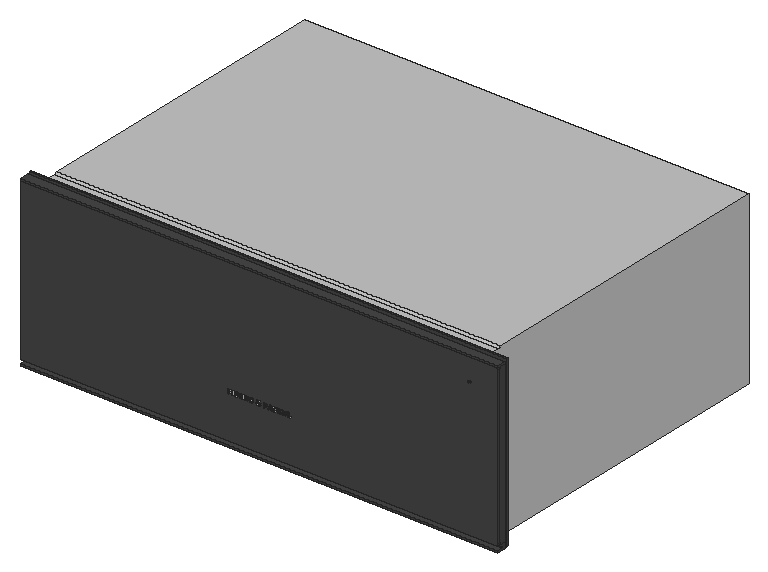
Revit family "FP_Revit_18_WB30SDEB2_Warming_Drawer_90001837A", category Specialty Equipment, Revit 2018
Family settings
  Round Connector Dimension = Use Diameter
  Part Type = Normal
  OmniClass Number = 23.40.40.14.17.31
  OmniClass Title = Small Specialized Cooking Equipment
  Work Plane-Based = No
  Always vertical = Yes
  Cut with Voids When Loaded = Yes
  Shared = No
  Room Calculation Point = No
Parameters (values of type "WB30SDEB2")
  Visibility - Clearance Required = yes
  URL = "www.fisherpaykel.com"
  Product - Width = 761 mm  # constant formula
  Product - Height = 271 mm  # constant formula
  Product - Depth = 567 mm  # constant formula
  Model = "WB30SDEB2"
  Material - Trim = Fisher & Paykel - Black
  Material - Structure = Fisher & Paykel - Black
  Material - Glass = Fisher & Paykel - Glass, Black
  Material - Body = Fisher & Paykel - Grey
  Material - Bezel = Fisher & Paykel - Bezel Red
  Manufacturer = "Fisher & Paykel Appliances"
  FFL Offset [instance] = 587 mm
  Description = "30\" Warming Drawer"
  Connector Description - Electrical = "110 V, 60Hz, 10 A"
  Chassis - Width = 707 mm  # constant formula
  Chassis - Height = 271 mm  # constant formula
  Chassis - Depth = 547 mm  # constant formula
  Cavity - Width = 724 mm  # constant formula
  Cavity - Height = 273 mm  # constant formula
  Cavity - Depth = 560 mm  # constant formula
Reference planes
  plane 1 "Datum (Front/Back)": y = 0
  plane 2: z = 0
  plane 3 "Center (Left/Right)": x = 0
  plane 4 "Product Height": z = 858
  plane 5 "Product LHS": x = -380.5
  plane 6 "Product RHS": x = 380.5
  plane 7 "Cavity LHS": x = -382
  plane 8 "Cavity RHS": x = 382
  plane 9 "Cavity - Depth": y = 560
  plane 10 "Product Depth": y = 547
  plane 11 "Door - Front": y = -20
  plane 12 "Cavity - Height": z = 860
  plane 13 "FFL Offset": z = 587
Forms (mm)
  Extrusion 1, solid, material "Fisher & Paykel - Grey" <- "Material - Body"
    sketch origin (0, 0, 0) x (0, 1, 0) y (0, 0, 1)
      loop
        line (5.8, 587) -> (512, 587) -> (512, 858) -> (19, 858) -> (14.508, 856) -> (0, 856) -> (0, 589.9) -> (5.8, 587)
    from -353.5 to 353.5
  Extrusion 2, solid, material "Fisher & Paykel - Grey" <- "Material - Body", detail levels medium+fine
    sketch origin (0, 0, 0) x (0, 1, 0) y (0, 0, 1)
      loop
        line (512, 826) -> (512, 807) -> (547, 807) -> (547, 826) -> (512, 826)
    from 177 to 202
  Extrusion 3, solid, material "Fisher & Paykel - Grey" <- "Material - Body", detail levels medium+fine
    sketch origin (0, 0, 0) x (0, 1, 0) y (0, 0, 1)
      loop
        circle (539, 817.5) r 8.163
    from 137 to 177
  Extrusion 4, solid, material "Fisher & Paykel - Black" <- "Material - Structure"
    sketch origin (0, 0, 0) x (0, 1, 0) y (0, 0, 1)
      loop
        line (-2, 593.5) -> (-2, 839.2) -> (-6, 839.2) -> (-6, 593.5) -> (-2, 593.5)
    from -340.5 to 340.5
  Extrusion 5, solid, material "Fisher & Paykel - Black" <- "Material - Structure"
    sketch origin (0, 0, 0) x (1, 0, 0) y (0, 0, 1)
      loop
        line (378, 853) -> (-378, 853)
        arc (-378, 853) -> (-379.768, 852.268) -> (-380.5, 850.5) r 2.5
        line (-380.5, 850.5) -> (-380.5, 601.1)
        arc (-380.5, 601.1) -> (-379.768, 599.332) -> (-378, 598.6) r 2.5
        line (-378, 598.6) -> (378, 598.6)
        arc (378, 598.6) -> (379.768, 599.332) -> (380.5, 601.1) r 2.5
        line (380.5, 601.1) -> (380.5, 850.5)
        arc (380.5, 850.5) -> (379.768, 852.268) -> (378, 853) r 2.5
      loop
        circle (335, 817) r 2
    from 15.9 to 20
  Extrusion 6, solid, material "Fisher & Paykel - Black" <- "Material - Structure"
    sketch origin (0, 0, 0) x (0, 1, 0) y (0, 0, 1)
      loop
        line (-6, 853) -> (-15.9, 853) -> (-15.9, 598.6) -> (-6, 598.6) -> (-6, 853)
    from -380.5 to 380.5
  Extrusion 7, solid, material "Fisher & Paykel - Black" <- "Material - Trim", detail levels medium+fine
    sketch origin (0, 0, 0) x (0, 1, 0) y (0, 0, 1)
      loop
        line (-11.4, 595.5) -> (-11.4, 592) -> (-20, 592) -> (-20, 589) -> (-6, 589) -> (-6, 598.6) -> (-19.917, 598.6) -> (-11.4, 595.5)
    from -380.5 to 380.5
  Extrusion 8, solid, material "Fisher & Paykel - Black" <- "Material - Trim", detail levels fine
    sketch origin (0, 0, 0) x (0, 1, 0) y (0, 0, 1)
      loop
        line (-6, 856) -> (-20, 856) -> (-20, 853) -> (-6, 853) -> (-6, 856)
    from -380.5 to 380.5
  Extrusion 9, solid, material "Fisher & Paykel - Clearance Required", visible <- "Visibility - Clearance Required", detail levels coarse
    sketch origin (0, 0, 0) x (0, 1, 0) y (0, 0, 1)
      loop
        line (0, 860) -> (0, 587) -> (560, 587) -> (560, 860) -> (0, 860)
    from -362 to 362
  Extrusion 10, solid, material "Fisher & Paykel - Black" <- "Material - Structure"
    sketch origin (0, 0, 0) x (0, 1, 0) y (0, 0, 1)
      loop
        line (-2, 589.9) -> (0, 589.9) -> (0, 858) -> (-2, 858) -> (-2, 589.9)
    from -380.5 to 380.5
  Extrusion 11, solid, material "Fisher & Paykel - Clearance Required", visible <- "Visibility - Clearance Required", detail levels coarse
    sketch origin (0, 0, 0) x (0, 1, 0) y (0, 0, 1)
      loop
        line (0, 587) -> (0, 860) -> (-439, 860) -> (-439, 587) -> (0, 587)
    from -382 to 382
  Extrusion 12, void
    sketch origin (0, 0, 0) x (0, 1, 0) y (0, 0, 1)
      loop
        line (0, 860) -> (0, 587) -> (560, 587) -> (560, 860) -> (0, 860)
    from -362 to 362
  Extrusion 13, void
    sketch origin (0, 0, 0) x (0, 1, 0) y (0, 0, 1)
      loop
        line (0, 587) -> (0, 860) -> (-20, 860) -> (-20, 587) -> (0, 587)
    from -382 to 382
  Extrusion 14, solid, material "Fisher & Paykel - Bezel Red" <- "Material - Bezel", detail levels fine
    sketch origin (0, 0, 0) x (1, 0, 0) y (0, 0, 1)
      loop
        circle (335, 817) r 2
    from 15.9 to 20
Text (mm)
  text "Due to ongoing product development, product details are subject to change without notice. \nPlease always refer to www.fisherpaykel.com for the most current product information. \n© Fisher & Paykel 2020" at (41.04, -568.295, 0), in view "Ref. Level (Plan)"
Dimensions and locks
  equal spacing: plane 5 "Product LHS", plane 3 "Center (Left/Right)", plane 6 "Product RHS"
  equal spacing: plane 7 "Cavity LHS", plane 3 "Center (Left/Right)", plane 8 "Cavity RHS"
  equal spacing: Extrusion 1, plane 3 "Center (Left/Right)", Extrusion 1
  locked: plane 11 "Door - Front" to plane 1 "Datum (Front/Back)" at 20
  "Chassis - Width": Extrusion 1 to Extrusion 1
  "Product - Width": plane 5 "Product LHS" to plane 6 "Product RHS"
  "Chassis - Depth": plane 1 "Datum (Front/Back)" to plane 10 "Product Depth"
  "Cavity - Depth": plane 9 "Cavity - Depth" to plane 1 "Datum (Front/Back)"
  plane 10 "Product Depth" to plane 11 "Door - Front" = 567 mm
  "FFL Offset": plane 13 "FFL Offset" to level
  Extrusion 4 to plane 13 "FFL Offset" = 6.5 mm
  locked: plane 13 "FFL Offset" to Extrusion 7 at 2
  locked: Extrusion 7 to plane 13 "FFL Offset" at 11.6
  "Product - Height": plane 4 "Product Height" to plane 13 "FFL Offset"
  "Cavity - Height": plane 13 "FFL Offset" to plane 12 "Cavity - Height"
  equal spacing: Extrusion 9, plane 3 "Center (Left/Right)", Extrusion 9
  "Cavity - Width": Extrusion 9 to Extrusion 9
  locked: plane 7 "Cavity LHS" to plane 8 "Cavity RHS" at 764
  "Cavity - Width": Extrusion 12 to Extrusion 12
  locked: Extrusion 11 to plane 11 "Door - Front" at 419
  locked: nested 1 to plane 13 "FFL Offset" at 78.956
  aligned and locked: level to plane 2
  aligned and locked: Extrusion 9 sketch curve to plane 9 "Cavity - Depth"
  aligned and locked: Extrusion 2 to Extrusion 1
  aligned and locked: Extrusion 5 to plane 6 "Product RHS"
  aligned and locked: Extrusion 8 to plane 6 "Product RHS"
  aligned and locked: Extrusion 7 to plane 6 "Product RHS"
  aligned and locked: Extrusion 10 to plane 6 "Product RHS"
  aligned and locked: Extrusion 6 to plane 6 "Product RHS"
  aligned and locked: plane 5 "Product LHS" to Extrusion 8
  aligned and locked: plane 5 "Product LHS" to Extrusion 7
  aligned and locked: plane 5 "Product LHS" to Extrusion 6
  aligned and locked: Extrusion 5 to Extrusion 6
  aligned and locked: Extrusion 5 to Extrusion 7
  aligned and locked: plane 1 "Datum (Front/Back)" to Extrusion 9
  aligned and locked: Extrusion 11 sketch curve to plane 12 "Cavity - Height"
  aligned and locked: plane 13 "FFL Offset" to Extrusion 11 sketch curve
  aligned and locked: Extrusion 11 to plane 8 "Cavity RHS"
  aligned and locked: plane 7 "Cavity LHS" to Extrusion 11
  aligned and locked: Extrusion 12 to plane 12 "Cavity - Height"
  aligned and locked: Extrusion 13 to plane 12 "Cavity - Height"
  aligned and locked: Extrusion 12 to plane 13 "FFL Offset"
  aligned and locked: Extrusion 13 to plane 13 "FFL Offset"
Automatic sketch dimensions
  Extrusion 1 sketch curve to plane 1 "Datum (Front/Back)" = 0 mm
  Extrusion 1 sketch curve to plane 13 "FFL Offset" = 0 mm
  Extrusion 1 sketch curve to plane 4 "Product Height" = 0 mm
  Extrusion 1 sketch curve to plane 1 "Datum (Front/Back)" = 5.8 mm
  Extrusion 1 sketch curve to plane 4 "Product Height" = 2 mm
  Extrusion 1 sketch curve to Extrusion 1 sketch curve = 14.508 mm
  Extrusion 1 sketch curve to Extrusion 1 sketch curve = 4.492 mm
  Extrusion 1 sketch curve to plane 10 "Product Depth" = 35 mm
  plane 13 "FFL Offset" to Extrusion 1 sketch curve = 2.9 mm
  Extrusion 2 sketch curve to plane 10 "Product Depth" = 0 mm
  Extrusion 2 sketch curve to Extrusion 2 sketch curve = 35 mm
  Extrusion 2 sketch curve to plane 4 "Product Height" = 51 mm
  Extrusion 2 sketch curve to Extrusion 2 sketch curve = 19 mm
  Extrusion 3 sketch curve to plane 10 "Product Depth" = 8 mm
  Extrusion 3 sketch curve to plane 4 "Product Height" = 40.5 mm
  plane 1 "Datum (Front/Back)" to Extrusion 4 sketch curve = 6 mm
  plane 1 "Datum (Front/Back)" to Extrusion 4 sketch curve = 2 mm
  plane 13 "FFL Offset" to Extrusion 4 sketch curve = 6.5 mm
  Extrusion 4 sketch curve to plane 4 "Product Height" = 18.8 mm
  plane 5 "Product LHS" to Extrusion 5 sketch curve = 0 mm
  plane 6 "Product RHS" to Extrusion 5 sketch curve = 0 mm
  Extrusion 5 sketch curve to plane 5 "Product LHS" = 2.5 mm  (x2)
  plane 6 "Product RHS" to Extrusion 5 sketch curve = 45.5 mm
  plane 6 "Product RHS" to Extrusion 5 sketch curve = 2.5 mm
  Extrusion 5 sketch curve to Extrusion 5 sketch curve = 2.5 mm
  plane 13 "FFL Offset" to Extrusion 5 sketch curve = 11.6 mm
  Extrusion 5 sketch curve to plane 4 "Product Height" = 7.5 mm
  plane 12 "Cavity - Height" to Extrusion 5 sketch curve = 43 mm
  plane 11 "Door - Front" to Extrusion 6 sketch curve = 4.1 mm
  plane 1 "Datum (Front/Back)" to Extrusion 6 sketch curve = 6 mm
  plane 13 "FFL Offset" to Extrusion 6 sketch curve = 11.6 mm
  Extrusion 6 sketch curve to plane 4 "Product Height" = 5 mm
  Extrusion 7 sketch curve to plane 11 "Door - Front" = 0 mm
  plane 11 "Door - Front" to Extrusion 7 sketch curve = 0.083 mm
  plane 11 "Door - Front" to Extrusion 7 sketch curve = 8.6 mm
  plane 1 "Datum (Front/Back)" to Extrusion 7 sketch curve = 6 mm
  plane 13 "FFL Offset" to Extrusion 7 sketch curve = 2 mm
  plane 13 "FFL Offset" to Extrusion 7 sketch curve = 5 mm
  Extrusion 7 sketch curve to Extrusion 7 sketch curve = 3.5 mm
  Extrusion 7 sketch curve to Extrusion 7 sketch curve = 3.1 mm
  Extrusion 8 sketch curve to plane 11 "Door - Front" = 0 mm
  plane 1 "Datum (Front/Back)" to Extrusion 8 sketch curve = 6 mm
  Extrusion 8 sketch curve to plane 4 "Product Height" = 5 mm
  Extrusion 8 sketch curve to plane 4 "Product Height" = 2 mm
  Extrusion 9 sketch curve to plane 1 "Datum (Front/Back)" = 0 mm
  Extrusion 9 sketch curve to plane 13 "FFL Offset" = 0 mm
  plane 12 "Cavity - Height" to Extrusion 9 sketch curve = 0 mm
  Extrusion 10 sketch curve to plane 4 "Product Height" = 0 mm
  Extrusion 10 sketch curve to plane 1 "Datum (Front/Back)" = 0 mm
  plane 1 "Datum (Front/Back)" to Extrusion 10 sketch curve = 2 mm
  plane 13 "FFL Offset" to Extrusion 10 sketch curve = 2.9 mm
  Extrusion 11 sketch curve to plane 1 "Datum (Front/Back)" = 0 mm
  Extrusion 11 sketch curve to plane 11 "Door - Front" = 419 mm
  Extrusion 12 sketch curve to plane 1 "Datum (Front/Back)" = 0 mm
  Extrusion 12 sketch curve to plane 9 "Cavity - Depth" = 0 mm
  Extrusion 12 sketch curve to plane 13 "FFL Offset" = 0 mm
  plane 12 "Cavity - Height" to Extrusion 12 sketch curve = 0 mm
  Extrusion 13 sketch curve to plane 11 "Door - Front" = 0 mm
  Extrusion 13 sketch curve to plane 1 "Datum (Front/Back)" = 0 mm
  Extrusion 13 sketch curve to plane 13 "FFL Offset" = 0 mm
  plane 12 "Cavity - Height" to Extrusion 13 sketch curve = 0 mm
  plane 6 "Product RHS" to Extrusion 14 sketch curve = 45.5 mm
  Extrusion 14 sketch curve to plane 4 "Product Height" = 41 mm
  radius of Extrusion 3 sketch curve = 8.163 mm
  radius of Extrusion 5 sketch curve = 2 mm
  radius of Extrusion 14 sketch curve = 2 mm
Nested families
  nested 1: "F&P Logo 100mm" at (0.045, -20, 665.956), type "Grey"
Connectors
  electrical at (137, 539, 817.5), driven by "Connector Description - Electrical"
    settings: on Extrusion 3, index 1, voltage 110 V, apparent load 0 VA, apparent load phase1 0 VA, apparent load phase2 0 VA, apparent load phase3 0 VA, power factor 1, load classification "Other", number of poles 1, system type 30, power factor state 1, is connector primary yes, connector utility no, sub classification motor no, connector description "110 V, 60Hz, 10 A"
Definition of nested family "F&P Logo 100mm"
  Parameters (values of type "Chrome")
    URL = "www.fisherpaykel.com"
    Material - Logo = none
    Manufacturer = "Fisher & Paykel Appliances"
  Types (3): name
    (no name)
    Chrome
    Grey
  Reference planes
    plane 1 "Center (Front/Back)": y = 0
    plane 2: z = 0
    plane 3 "Center (Left/Right)": x = 0
  Forms (mm)
    Extrusion 1, solid, material <- "Material - Logo", detail levels fine
      sketch origin (0, 0, 0) x (1, 0, 0) y (0, 0, 1)
        loop
          line (-50.044, 0) -> (-48.47, 0) -> (-48.47, 2.138) -> (-46.011, 2.138) -> (-46.011, 3.472) -> (-48.47, 3.472) -> (-48.47, 4.712) -> (-45.795, 4.712) -> (-45.795, 6.04) -> (-50.044, 6.04) -> (-50.044, 0)
        loop
          line (-42.804, 6.04) -> (-42.804, 0) -> (-41.23, 0) -> (-41.23, 6.04) -> (-42.804, 6.04)
        loop
          line (-30.724, 6.04) -> (-30.724, 0) -> (-29.151, 0) -> (-29.151, 2.42) -> (-26.839, 2.42) -> (-26.839, 0) -> (-25.265, 0) -> (-25.265, 6.04) -> (-26.839, 6.04) -> (-26.839, 3.748) -> (-29.151, 3.748) -> (-29.151, 6.04) -> (-30.724, 6.04)
        loop
          line (-21.906, 6.04) -> (-21.906, 0) -> (-17.602, 0) -> (-17.602, 1.328) -> (-20.347, 1.328) -> (-20.347, 2.42) -> (-17.838, 2.42) -> (-17.838, 3.748) -> (-20.347, 3.748) -> (-20.347, 4.712) -> (-17.602, 4.712) -> (-17.602, 6.04) -> (-21.906, 6.04)
        loop
          line (45.667, 6.04) -> (45.667, 0) -> (49.956, 0) -> (49.956, 1.328) -> (47.241, 1.328) -> (47.241, 6.04) -> (45.667, 6.04)
        loop
          line (42.431, 6.04) -> (38.112, 6.04) -> (38.112, 0) -> (42.431, 0) -> (42.431, 1.328) -> (39.687, 1.328) -> (39.687, 2.42) -> (42.195, 2.42) -> (42.195, 3.748) -> (39.687, 3.748) -> (39.687, 4.712) -> (42.431, 4.712) -> (42.431, 6.04)
        loop
          line (33.451, 3.148) -> (35.683, 6.04) -> (33.844, 6.04) -> (31.915, 3.542) -> (31.915, 6.04) -> (30.342, 6.04) -> (30.342, 0) -> (31.915, 0) -> (31.915, 2.705) -> (33.903, 0) -> (35.763, 0) -> (33.451, 3.148)
        loop
          line (21.98, 6.04) -> (24.262, 2.42) -> (24.262, 0) -> (25.837, 0) -> (25.837, 2.341) -> (28.119, 6.04) -> (26.446, 6.04) -> (25.099, 3.707) -> (23.753, 6.04) -> (21.98, 6.04)
        loop
          line (18.479, 6.04) -> (16.983, 6.04) -> (14.524, 0) -> (16.069, 0) -> (16.501, 1.112) -> (18.921, 1.112) -> (19.354, 0) -> (20.938, 0) -> (18.479, 6.04)
        loop
          line (18.4, 2.439) -> (17.693, 4.174) -> (17.018, 2.439) -> (18.4, 2.439)
        loop
          line (8.031, 6.04) -> (8.031, 0) -> (9.605, 0) -> (9.605, 1.938) -> (10.599, 1.938)
          arc (10.599, 1.938) -> (12.65, 3.989) -> (10.599, 6.04) r 2.051
          line (10.599, 6.04) -> (8.031, 6.04)
        loop
          line (9.605, 4.712) -> (9.605, 3.197) -> (10.501, 3.197)
          arc (10.501, 3.197) -> (11.259, 3.954) -> (10.501, 4.712) r 0.757
          line (10.501, 4.712) -> (9.605, 4.712)
        loop
          line (-11.783, 6.04) -> (-14.366, 6.04) -> (-14.366, 0) -> (-12.792, 0) -> (-12.792, 1.336) -> (-11.992, 1.336) -> (-10.972, 0) -> (-9.153, 0) -> (-10.694, 1.973)
          arc (-10.694, 1.973) -> (-9.678, 4.424) -> (-11.783, 6.04) r 2.179
        loop
          line (-11.897, 4.712) -> (-12.792, 4.712) -> (-12.792, 3.053) -> (-11.897, 3.053)
          arc (-11.897, 3.053) -> (-11.068, 3.882) -> (-11.897, 4.712) r 0.83
        loop
          line (0.477, 4.712) -> (0.477, 6.153) -> (-3.575, 6.153) -> (-3.575, 4.851) -> (-2.974, 4.112)
          arc (-2.974, 4.112) -> (-3.51, 0.684) -> (-0.045, 0.512) r 2.334
          line (-0.045, 0.512) -> (0.46, -0.109) -> (2.246, -0.109) -> (0.86, 1.594) -> (2.061, 3.324) -> (0.443, 3.324) -> (-0.013, 2.667) -> (-1.677, 4.712) -> (0.477, 4.712)
        loop
          arc (-2.125, 3.068) -> (-2.269, 1.668) -> (-0.868, 1.524) r 0.996
          line (-0.868, 1.524) -> (-2.125, 3.068)
        loop
          line (-35.18, 3.634) -> (-36.516, 3.91)
          arc (-36.516, 3.91) -> (-37.049, 4.443) -> (-36.516, 4.976) r 0.533
          arc (-36.516, 4.976) -> (-35.235, 4.79) -> (-34.059, 4.248) r 4.505
          line (-34.059, 4.248) -> (-34.059, 5.743)
          arc (-34.059, 5.743) -> (-35.549, 6.179) -> (-37.1, 6.109) r 4.726
          arc (-37.1, 6.109) -> (-38.536, 4.335) -> (-37.1, 2.561) r 1.814
          line (-37.1, 2.561) -> (-35.754, 2.282)
          arc (-35.754, 2.282) -> (-35.221, 1.749) -> (-35.754, 1.216) r 0.533
          arc (-35.754, 1.216) -> (-37.035, 1.402) -> (-38.211, 1.945) r 4.505
          line (-38.211, 1.945) -> (-38.211, 0.449)
          arc (-38.211, 0.449) -> (-36.72, 0.013) -> (-35.169, 0.083) r 4.726
          arc (-35.169, 0.083) -> (-33.734, 1.863) -> (-35.18, 3.634) r 1.814
      from 0 to 0.8
  Dimensions and locks
    aligned and locked: level to plane 2
